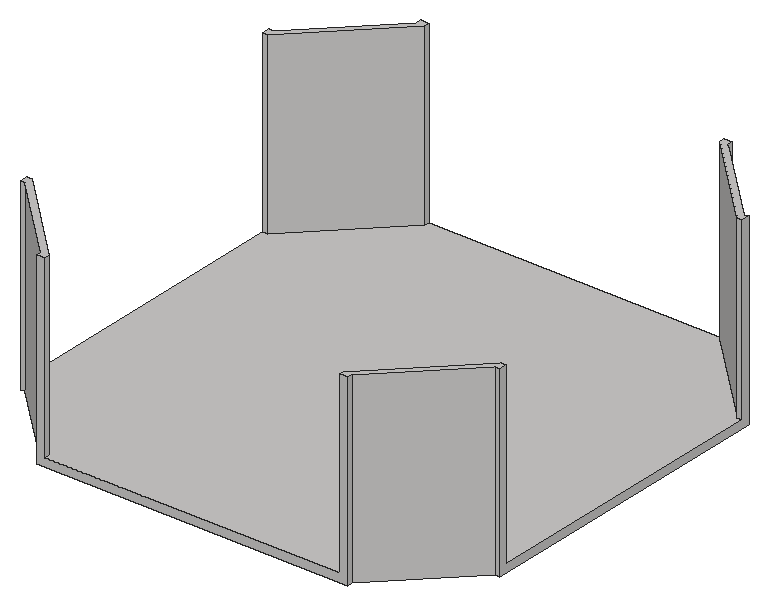
Revit family "Cable_Tray_Fitting-Ventilated_Tray-OBO_Bettermann-Channel_Horizontal_Cross_Over-MKS", category Cable Tray Fittings, Revit 2012
Parameters (values of type "Hot Dipped Galvanised")
  URL = "http://www.obo-bettermann.com/"
  Tray Width 3 [instance] = 100 mm
  Tray Width 1 [instance] = 100 mm
  Tray Length [instance] = 1.588 mm
  Tray Height [instance] = 60 mm
  Tray Connector 4 Location [instance] = if(Tray Width 3 > 399.9 mm, (Tray Width 3 / 2) + 255 mm, (Tray Width 3 / 2) + 27 mm)  # 77 mm
  Tray Connector 3 Location [instance] = if(Tray Width 3 > 399.9 mm, (Tray Width 3 / 2) + 255 mm, (Tray Width 3 / 2) + 27 mm)  # 77 mm
  Tray Connector 2 Location [instance] = if(Tray Width 1 > 399.9 mm, (Tray Width 1 / 2) + 255 mm, (Tray Width 1 / 2) + 27 mm)  # 77 mm
  Tray Connector 1 Location [instance] = if(Tray Width 1 > 399.9 mm, (Tray Width 1 / 2) + 255 mm, (Tray Width 1 / 2) + 27 mm)  # 77 mm
  built-in parameter 1140111 [instance] = 2.58 mm
  Small Tray Cross Over [instance] = not(Large Tray Cross Over)  # yes
  Radius = 25.4 mm
  Product Page URL = "http://catalog2.obo-bettermann.com/catalogue/catalogue.do?favOid=kts_315277&act=showIO&lang=en&action=start&catId=KTS&forward=showSolutionView"
  Product Documentation Link = ""
  Pre Galvanized = yes
  Model = "MKS"
  Manufacturer = "OBO Bettermann"
  Large Tray Cross Over [instance] = (Tray Width 1 > 399.9 mm)  # no
  Description = "Ventilated Cable Tray"
  Connector Description 4 = "Connector for Cable Tray 4"  # constant formula
  Connector Description 3 = "Connector for Cable Tray 3"  # constant formula
  Connector Description 2 = "Connector for Cable Tray 2"  # constant formula
  Connector Description = "Connector for Cable Tray 1"  # constant formula
  Classification = "Refer to online Catalog for UL and cUL classifed sizes and wire sizes."
  Cable Tray Material = Metal - OBO Bettermann - Hot-Dipped-Galvanised
  Assembly Code = "D5030600"
Types (2, lengths in mm): name | Cable Tray Material
  Stripped Galvanised | Metal - OBO Bettermann - Strip-Galvanised
  Hot Dipped Galvanised | Metal - OBO Bettermann - Hot-Dipped-Galvanised
Reference planes
  plane 1 "Center (Front/Back)": y = 0
  plane 2: z = 0
  plane 3 "Center (Left/Right)": x = 0
  plane 4: y = 50
  plane 5: y = -50
  plane 6: z = 30
  plane 7: z = -30
  plane 8: y = -75.4
  plane 9: x = -50
  plane 10: x = 50
  plane 11: x = -75.4
  plane 12: x = 75.4
  plane 13: y = -47.42
  plane 14: y = 47.42
  plane 15: y = -76.988
  plane 16: x = -47.42
  plane 17: x = 47.42
  plane 18: x = -76.987
  plane 19: x = 76.988
  plane 20: z = -27.42
  plane 21: y = 75.4
  plane 22: y = 76.987
  plane 23 "Tray Connector Left": x = -77
  plane 24 "Tray Connector Right": x = 77
  plane 25 "Tray Connector Branch Lower": y = -77
  plane 26 "Tray Connector Branch Upper": y = 77
Lines and regions (mm)
  model lines, style "Coarse View", detail levels coarse
    curve 1: line (-76.987, 0, 0) -> (76.988, 0, 0)
    curve 2: line (0, 0, 0) -> (0, -76.988, 0)
    curve 3: line (0, 76.987, 0) -> (0, 0, 0)
  symbolic lines, detail levels fine
    curve 4: line (47.42, 76.987, 0) -> (47.42, 75.4, 0)
    curve 5: line (75.4, 47.42, 0) -> (76.988, 47.42, 0)
    curve 6: line (76.988, -47.42, 0) -> (75.4, -47.42, 0)
    curve 7: line (47.42, -75.4, 0) -> (47.42, -76.988, 0)
    curve 8: line (-47.42, -76.988, 0) -> (-47.42, -75.4, 0)
    curve 9: line (-75.4, -47.42, 0) -> (-76.987, -47.42, 0)
Dimensions and locks
  equal spacing: plane 4, plane 1 "Center (Front/Back)", plane 5
  "Tray Width 1": plane 4 to plane 5
  equal spacing: plane 6, plane 2, plane 7
  "Tray Height": plane 6 to plane 7
  plane 5 to plane 8 = 25.4 mm
  equal spacing: plane 9, plane 3 "Center (Left/Right)", plane 10
  "Tray Width 3": plane 9 to plane 10
  plane 11 to plane 9 = 25.4 mm
  plane 10 to plane 12 = 25.4 mm
  "built-in parameter 1140111": plane 13 to plane 5
  "built-in parameter 1140111": plane 4 to plane 14
  "Tray Length": plane 8 to plane 15
  "built-in parameter 1140111": plane 9 to plane 16
  "built-in parameter 1140111": plane 17 to plane 10
  "Tray Length": plane 18 to plane 11
  "Tray Length": plane 12 to plane 19
  "built-in parameter 1140111": plane 20 to plane 7
  "Tray Length": plane 21 to plane 22
  "Radius": plane 21 to plane 4
  "Tray Connector 1 Location": plane 23 "Tray Connector Left" to plane 3 "Center (Left/Right)"
  "Tray Connector 2 Location": plane 3 "Center (Left/Right)" to plane 24 "Tray Connector Right"
  "Tray Connector 4 Location": plane 26 "Tray Connector Branch Upper" to plane 1 "Center (Front/Back)"
  "Tray Connector 3 Location": plane 25 "Tray Connector Branch Lower" to plane 1 "Center (Front/Back)"
  plane 26 "Tray Connector Branch Upper" to plane 22 = 0.013 mm
  aligned and locked: plane 19 to curve 1
  aligned and locked: plane 18 to curve 1
  aligned and locked: plane 15 to curve 2
  aligned and locked: plane 1 "Center (Front/Back)" to curve 2
  aligned and locked: curve 2 to plane 3 "Center (Left/Right)"
  aligned and locked: plane 22 to curve 3
  aligned and locked: curve 3 to plane 3 "Center (Left/Right)"
  aligned and locked: plane 18 to curve 9
  aligned and locked: plane 15 to curve 8
  aligned and locked: plane 15 to curve 7
  aligned and locked: plane 19 to curve 6
  aligned and locked: plane 19 to curve 5
  aligned and locked: plane 22 to curve 4
  aligned and locked: nested 1 to plane 9
  aligned and locked: plane 10 to nested 1
  aligned and locked: nested 1 to plane 5
  aligned and locked: plane 4 to nested 1
  aligned and locked: nested 2 to plane 22
  aligned and locked: nested 2 to plane 18
  aligned and locked: nested 2 to plane 15
  aligned and locked: plane 19 to nested 2
Automatic sketch dimensions
  curve 4 to plane 17 = 0 mm
  plane 21 to curve 4 = 0 mm
  curve 6 to plane 13 = 0 mm
  curve 8 to plane 16 = 0 mm
  curve 8 to plane 8 = 0 mm
  curve 9 to plane 11 = 0 mm
  curve 9 to plane 13 = 0 mm
  curve 5 to plane 12 = 0 mm
  curve 5 to plane 14 = 0 mm
  curve 7 to plane 17 = 0 mm
  curve 6 to plane 12 = 0 mm
  curve 7 to plane 8 = 0 mm
Nested families
  nested 1: "Cable_Tray_Fitting-Ventilated_Tray-OBO_Bettermann-Channel_Horizontal_Cross_Over_400-600-MKS" at (0, 0, 0), Tray Width 3 <- "Tray Width 3", Tray Width 1 <- "Tray Width 1", Tray Height <- "Tray Height", built-in parameter 1140111 <- "built-in parameter 1140111", visible <- "Large Tray Cross Over", type "Stripped Galvanised"
    with Tray Width 3 100 mm, Tray Width 1 100 mm, Tray Length 1.588 mm, Tray Height 60 mm, built-in parameter 1140111 2.58 mm, Radius Label 150 mm
  nested 2: "Cable_Tray_Fitting-Ventilated_Tray-OBO_Bettermann-Channel_Horizontal_Cross_Over_100-300-MKS" at (0, 0, 0), Tray Width 3 <- "Tray Width 3", Tray Width 1 <- "Tray Width 1", Tray Height <- "Tray Height", built-in parameter 1140111 <- "built-in parameter 1140111", visible <- "Small Tray Cross Over", type "Stripped Galvanised"
    with Tray Width 3 100 mm, Tray Width 1 100 mm, Tray Length 1.588 mm, Tray Height 60 mm, built-in parameter 1140111 2.58 mm, Radius Label 1 27.98 mm, Radius Label 25.4 mm
Connectors
  cabletrayconduit at (-77, 0, 0), driven by "Tray Height", driven by "Tray Width 1", driven by "Connector Description"
    settings: index 1, connector width 100 mm, connector height 60 mm, connector radius 300 mm, connector angle 0.00°, system type 32, placement type 0, profile type 1, connector reference index -1, is primary connector yes, connector utility param no, connector description "Connector for Cable Tray 1"
  cabletrayconduit at (77, 0, 0), driven by "Tray Height", driven by "Tray Width 1", driven by "Connector Description 2"
    settings: index 2, connector width 100 mm, connector height 60 mm, connector radius 300 mm, connector angle 0.00°, system type 32, placement type 0, profile type 1, connector reference index -1, is primary connector no, connector utility param no, connector description "Connector for Cable Tray 2"
  cabletrayconduit at (0, 77, 0), driven by "Tray Width 3", driven by "Tray Height", driven by "Connector Description 4"
    settings: index 3, connector width 100 mm, connector height 60 mm, connector radius 300 mm, connector angle 0.00°, system type 32, placement type 0, profile type 1, connector reference index -1, is primary connector no, connector utility param no, connector description "Connector for Cable Tray 4"
  cabletrayconduit at (0, -77, 0), driven by "Tray Height", driven by "Tray Width 3", driven by "Connector Description 3"
    settings: index 4, connector width 100 mm, connector height 60 mm, connector radius 300 mm, connector angle 0.00°, system type 32, placement type 0, profile type 1, connector reference index -1, is primary connector no, connector utility param no, connector description "Connector for Cable Tray 3"
Definition of nested family "Cable_Tray_Fitting-Ventilated_Tray-OBO_Bettermann-Channel_Horizontal_Cross_Over_400-600-MKS"
  Parameters (values of type "Stripped Galvanised")
    URL = "http://www.obo-bettermann.com/"
    Tray Width 3 [instance] = 400 mm
    Tray Width 1 [instance] = 400 mm
    Tray Length [instance] = 1.588 mm
    Tray Height [instance] = 60 mm
    built-in parameter 1140111 [instance] = 2.58 mm
    Radius Label 1 = Radius + 2.6 mm  # 152.6 mm
    Radius Label [instance] = Radius  # 150 mm
    Radius = 150 mm
    Product Page URL = "http://catalog2.obo-bettermann.com/catalogue/catalogue.do?favOid=kts_315277&act=showIO&lang=en&action=start&catId=KTS&forward=showSolutionView"
    Product Documentation Link = ""
    Pre Galvanized = yes
    Model = "MKS"
    Manufacturer = "OBO Bettermann"
    Description = "Cable tray"
    Connector Description 4 = "Connector for Cable Tray 4"  # constant formula
    Connector Description 3 = "Connector for Cable Tray 3"  # constant formula
    Connector Description 2 = "Connector for Cable Tray 2"  # constant formula
    Connector Description = "Connector for Cable Tray 1"  # constant formula
    Classification = "Refer to online Catalog for UL and cUL classifed sizes and wire sizes."
    Cable Tray Material = Metal - OBO Bettermann - Strip-Galvanised
    Assembly Code = "D5030600"
  Types (2, lengths in mm): name | Cable Tray Material
    Stripped Galvanised | Metal - OBO Bettermann - Strip-Galvanised
    Steel | Metal - OBO Bettermann - Hot-Dipped-Galvanised
  Reference planes
    plane 1 "Center (Front/Back)": y = 0
    plane 2: z = 0
    plane 3 "Center (Left/Right)": x = 0
    plane 4: y = 200
    plane 5: y = -200
    plane 6: z = 30
    plane 7: z = -30
    plane 8: y = -453.413
    plane 9: x = -200
    plane 10: x = 200
    plane 11: x = -453.412
    plane 12: x = 453.413
    plane 13: y = -197.42
    plane 14: y = 197.42
    plane 15: y = -455
    plane 16: x = -197.42
    plane 17: x = 197.42
    plane 18: x = -455
    plane 19: x = 455
    plane 20: z = -27.42
    plane 21: y = 453.412
    plane 22: y = 455
  Forms (mm)
    Extrusion 1, solid, material "Metal - OBO Bettermann - Strip-Galvanised" <- "Cable Tray Material", detail levels medium+fine
      sketch origin (377.212, 0, 0) x (1, 0, 0) y (0, 1, 0)
        loop
          line (-832.212, -197.42) -> (-832.212, -200) -> (-727.212, -200)
          arc (-727.212, -200) -> (-621.146, -243.934) -> (-577.212, -350) r 150
          line (-577.212, -350) -> (-577.212, -455) -> (-574.633, -455) -> (-574.633, -347.51)
          arc (-574.633, -347.51) -> (-619.308, -242.096) -> (-724.723, -197.42) r 152.6
          line (-724.723, -197.42) -> (-832.212, -197.42)
        loop
          line (-27.212, -200) -> (77.788, -200) -> (77.788, -197.42) -> (-29.702, -197.42)
          arc (-29.702, -197.42) -> (-135.117, -242.096) -> (-179.792, -347.51) r 152.6
          line (-179.792, -347.51) -> (-179.792, -455) -> (-177.212, -455) -> (-177.212, -350)
          arc (-177.212, -350) -> (-133.279, -243.934) -> (-27.212, -200) r 150
        loop
          line (-832.212, 197.42) -> (-724.723, 197.42)
          arc (-724.723, 197.42) -> (-619.308, 242.096) -> (-574.633, 347.51) r 152.6
          line (-574.633, 347.51) -> (-574.633, 455) -> (-577.212, 455) -> (-577.212, 350)
          arc (-577.212, 350) -> (-621.146, 243.934) -> (-727.212, 200) r 150
          line (-727.212, 200) -> (-832.212, 200) -> (-832.212, 197.42)
        loop
          arc (-27.212, 200) -> (-133.279, 243.934) -> (-177.212, 350) r 150
          line (-177.212, 350) -> (-177.212, 455) -> (-179.792, 455) -> (-179.792, 347.51)
          arc (-179.792, 347.51) -> (-135.117, 242.096) -> (-29.702, 197.42) r 152.6
          line (-29.702, 197.42) -> (77.788, 197.42) -> (77.788, 200) -> (-27.212, 200)
      from -30 to 30
    Extrusion 2, solid, material "Metal - OBO Bettermann - Strip-Galvanised" <- "Cable Tray Material", detail levels medium+fine
      sketch origin (0, 0, 0) x (1, 0, 0) y (0, 1, 0)
        loop
          line (-455, 200) -> (-455, -200) -> (-350, -200)
          arc (-350, -200) -> (-243.934, -243.934) -> (-200, -350) r 150
          line (-200, -350) -> (-200, -455) -> (200, -455) -> (200, -350)
          arc (200, -350) -> (243.934, -243.934) -> (350, -200) r 150
          line (350, -200) -> (455, -200) -> (455, 200) -> (350, 200)
          arc (350, 200) -> (243.934, 243.934) -> (200, 350) r 150
          line (200, 350) -> (200, 455) -> (-200, 455) -> (-200, 350)
          arc (-200, 350) -> (-243.934, 243.934) -> (-350, 200) r 150
          line (-350, 200) -> (-455, 200)
      from -30 to -27.42
    Extrusion 3, solid, material "Metal - OBO Bettermann - Strip-Galvanised" <- "Cable Tray Material", detail levels medium
      sketch origin (0, 0, 0) x (1, 0, 0) y (0, 1, 0)
        loop
          line (-455, 200) -> (-455, -200) -> (-350, -200)
          arc (-350, -200) -> (-243.934, -243.934) -> (-200, -350) r 150
          line (-200, -350) -> (-200, -455) -> (200, -455) -> (200, -350)
          arc (200, -350) -> (243.934, -243.934) -> (350, -200) r 150
          line (350, -200) -> (455, -200) -> (455, 200) -> (350, 200)
          arc (350, 200) -> (243.934, 243.934) -> (200, 350) r 150
          line (200, 350) -> (200, 455) -> (-200, 455) -> (-200, 350)
          arc (-200, 350) -> (-243.934, 243.934) -> (-350, 200) r 150
          line (-350, 200) -> (-455, 200)
      from -30 to 30
  Cuts and joins
    joined: Extrusion 1, Extrusion 2
  Lines and regions (mm)
    model lines, style "Coarse View", detail levels coarse
      curve 1: line (-455, 0, 0) -> (455, 0, 0)
      curve 2: line (0, 0, 0) -> (0, -455, 0)
      curve 3: line (0, 455, 0) -> (0, 0, 0)
    symbolic lines, detail levels fine
      curve 4: line (197.42, 455, 0) -> (197.42, 453.412, 0)
      curve 5: line (453.413, 197.42, 0) -> (455, 197.42, 0)
      curve 6: line (455, -197.42, 0) -> (453.413, -197.42, 0)
      curve 7: line (197.42, -453.413, 0) -> (197.42, -455, 0)
      curve 8: line (-197.42, -455, 0) -> (-197.42, -453.413, 0)
      curve 9: line (-453.412, -197.42, 0) -> (-455, -197.42, 0)
      curve 10: line (-200, -350, 0) -> (-200, -455, 0)
      curve 11: arc (-350, -200, 0) -> (-243.934, -243.934, 0) -> (-200, -350, 0) r 150
      curve 12: line (-455, -200, 0) -> (-350, -200, 0)
      curve 13: line (350, -200, 0) -> (455, -200, 0)
      curve 14: arc (200, -350, 0) -> (243.934, -243.934, 0) -> (350, -200, 0) r 150
      curve 15: line (200, -455, 0) -> (200, -350, 0)
      curve 16: line (200, 350, 0) -> (200, 455, 0)
      curve 17: arc (350, 200, 0) -> (243.934, 243.934, 0) -> (200, 350, 0) r 150
      curve 18: line (455, 200, 0) -> (350, 200, 0)
      curve 19: line (-350, 200, 0) -> (-455, 200, 0)
      curve 20: arc (-200, 350, 0) -> (-243.934, 243.934, 0) -> (-350, 200, 0) r 150
      curve 21: line (-200, 455, 0) -> (-200, 350, 0)
  Dimensions and locks
    equal spacing: plane 4, plane 1 "Center (Front/Back)", plane 5
    "Tray Width 1": plane 4 to plane 5
    equal spacing: plane 6, plane 2, plane 7
    "Tray Height": plane 6 to plane 7
    equal spacing: plane 9, plane 3 "Center (Left/Right)", plane 10
    "Tray Width 3": plane 9 to plane 10
    "built-in parameter 1140111": plane 13 to plane 5
    "built-in parameter 1140111": plane 4 to plane 14
    "Tray Length": plane 8 to plane 15
    "built-in parameter 1140111": plane 9 to plane 16
    "built-in parameter 1140111": plane 17 to plane 10
    "Tray Length": plane 18 to plane 11
    "Tray Length": plane 12 to plane 19
    "built-in parameter 1140111": plane 20 to plane 7
    "Tray Length": plane 21 to plane 22
    locked: plane 18 to plane 9 at 255
    locked: plane 10 to plane 19 at 255
    equal spacing: plane 18, plane 3 "Center (Left/Right)", plane 19
    locked: plane 4 to plane 22 at 255
    locked: plane 5 to plane 15 at 255
    equal spacing: plane 15, plane 1 "Center (Front/Back)", plane 22
    "Radius Label": radius of Extrusion 3 sketch curve  (x4)
    "Radius Label": radius of Extrusion 1 sketch curve  (x4)
    "Radius Label 1": radius of Extrusion 1 sketch curve  (x4)
    aligned and locked: Extrusion 1 to plane 7
    aligned and locked: plane 6 to Extrusion 1
    aligned and locked: plane 5 to Extrusion 2 sketch curve
    aligned and locked: plane 19 to Extrusion 2 sketch curve
    aligned and locked: plane 9 to Extrusion 2 sketch curve
    aligned and locked: Extrusion 2 sketch curve to plane 15
    aligned and locked: Extrusion 2 to plane 7
    aligned and locked: plane 20 to Extrusion 2
    aligned and locked: plane 18 to Extrusion 3 sketch curve
    aligned and locked: Extrusion 3 sketch curve to plane 5
    aligned and locked: plane 4 to Extrusion 3 sketch curve  (x2)
    aligned and locked: plane 5 to Extrusion 3 sketch curve
    aligned and locked: plane 10 to Extrusion 3 sketch curve
    aligned and locked: plane 9 to Extrusion 3 sketch curve
    aligned and locked: Extrusion 3 sketch curve to plane 15
    aligned and locked: Extrusion 3 to plane 7
    aligned and locked: plane 6 to Extrusion 3
    aligned and locked: plane 19 to curve 1
    aligned and locked: plane 18 to curve 1
    aligned and locked: plane 15 to curve 2
    aligned and locked: plane 1 "Center (Front/Back)" to curve 2
    aligned and locked: curve 2 to plane 3 "Center (Left/Right)"
    aligned and locked: plane 22 to curve 3
    aligned and locked: curve 3 to plane 3 "Center (Left/Right)"
    aligned and locked: plane 18 to curve 9
    aligned and locked: plane 15 to curve 8
    aligned and locked: plane 15 to curve 7
    aligned and locked: plane 19 to curve 6
    aligned and locked: plane 19 to curve 5
    aligned and locked: plane 22 to curve 4
    aligned and locked: Extrusion 2 sketch curve to cut or joined group of Extrusion 1, Extrusion 2  (x8)
    aligned and locked: curve 11 to cut or joined group of Extrusion 1, Extrusion 2
    aligned and locked: curve 12 to cut or joined group of Extrusion 1, Extrusion 2
    aligned and locked: curve 14 to cut or joined group of Extrusion 1, Extrusion 2
    aligned and locked: curve 17 to cut or joined group of Extrusion 1, Extrusion 2
    aligned and locked: curve 18 to cut or joined group of Extrusion 1, Extrusion 2
    aligned and locked: curve 20 to cut or joined group of Extrusion 1, Extrusion 2
    aligned and locked: curve 21 to cut or joined group of Extrusion 1, Extrusion 2
  Automatic sketch dimensions
    curve 9 to plane 11 = 0 mm
    curve 7 to plane 8 = 0 mm
    curve 7 to plane 17 = 0 mm
    curve 4 to plane 17 = 0 mm
    curve 6 to plane 13 = 0 mm
    curve 9 to plane 13 = 0 mm
    Extrusion 3 sketch curve to plane 9 = 0 mm
    Extrusion 3 sketch curve to plane 10 = 0 mm
    Extrusion 3 sketch curve to plane 19 = 0 mm
    plane 22 to Extrusion 3 sketch curve = 0 mm
    Extrusion 1 sketch curve to Extrusion 1 sketch curve = 0 mm  (x8)
    Extrusion 1 sketch curve to plane 13 = 0 mm  (x2)
    Extrusion 1 sketch curve to plane 18 = 0 mm  (x2)
    Extrusion 1 sketch curve to plane 4 = 0 mm  (x2)
    Extrusion 1 sketch curve to plane 5 = 0 mm  (x2)
    Extrusion 1 sketch curve to plane 14 = 0 mm  (x2)
    Extrusion 1 sketch curve to plane 9 = 0 mm  (x2)
    Extrusion 1 sketch curve to plane 16 = 0 mm  (x2)
    Extrusion 1 sketch curve to plane 17 = 0 mm  (x2)
    Extrusion 1 sketch curve to plane 10 = 0 mm  (x2)
    Extrusion 1 sketch curve to plane 19 = 0 mm  (x2)
    Extrusion 1 sketch curve to plane 15 = 0 mm  (x2)
    plane 22 to Extrusion 1 sketch curve = 0 mm  (x2)
    Extrusion 2 sketch curve to plane 18 = 0 mm
    plane 22 to Extrusion 2 sketch curve = 0 mm
    curve 10 to plane 15 = 0 mm
    curve 12 to plane 18 = 0 mm
    curve 8 to plane 8 = 0 mm
    curve 8 to plane 16 = 0 mm
    curve 6 to plane 12 = 0 mm
    curve 13 to plane 19 = 0 mm
    curve 15 to plane 15 = 0 mm
    plane 22 to curve 16 = 0 mm
    curve 18 to plane 19 = 0 mm
    curve 5 to plane 12 = 0 mm
    curve 5 to plane 14 = 0 mm
    plane 21 to curve 4 = 0 mm
    curve 19 to plane 18 = 0 mm
    plane 22 to curve 21 = 0 mm
  Connectors
    cabletrayconduit at (-455, 0, 0), driven by "Tray Height", driven by "Tray Width 1", driven by "Connector Description"
      settings: on Extrusion 3, index 1, connector width 400 mm, connector height 60 mm, connector radius 304.8 mm, connector angle 0.00°, system type 32, placement type 0, profile type 1, connector reference index 2, is primary connector yes, connector utility param no, connector description "Connector for Cable Tray 1"
    cabletrayconduit at (455, 0, 0), driven by "Tray Height", driven by "Tray Width 1", driven by "Connector Description 2"
      settings: on Extrusion 3, index 2, connector width 400 mm, connector height 60 mm, connector radius 304.8 mm, connector angle 0.00°, system type 32, placement type 0, profile type 1, connector reference index 1, is primary connector no, connector utility param no, connector description "Connector for Cable Tray 2"
    cabletrayconduit at (0, -455, 0), driven by "Tray Height", driven by "Tray Width 3", driven by "Connector Description 3"
      settings: on Extrusion 3, index 3, connector width 400 mm, connector height 60 mm, connector radius 304.8 mm, connector angle 0.00°, system type 32, placement type 0, profile type 1, connector reference index 4, is primary connector no, connector utility param no, connector description "Connector for Cable Tray 3"
    cabletrayconduit at (0, 455, 0), driven by "Tray Height", driven by "Tray Width 3", driven by "Connector Description 4"
      settings: on Extrusion 3, index 4, connector width 400 mm, connector height 60 mm, connector radius 304.8 mm, connector angle 0.00°, system type 32, placement type 0, profile type 1, connector reference index 3, is primary connector no, connector utility param no, connector description "Connector for Cable Tray 4"
Definition of nested family "Cable_Tray_Fitting-Ventilated_Tray-OBO_Bettermann-Channel_Horizontal_Cross_Over_100-300-MKS"
  Parameters (values of type "Steel")
    URL = "http://www.obo-bettermann.com/"
    Tray Width 3 [instance] = 100 mm
    Tray Width 1 [instance] = 100 mm
    Tray Length [instance] = 1.588 mm
    Tray Height [instance] = 60 mm
    built-in parameter 1140111 [instance] = 2.58 mm
    Radius Label 1 [instance] = Radius Label + [built-in parameter 1140111]  # 27.98 mm
    Radius Label [instance] = Radius  # 25.4 mm
    Radius = 25.4 mm
    Product Page URL = "http://catalog2.obo-bettermann.com/catalogue/catalogue.do?favOid=kts_315277&act=showIO&lang=en&action=start&catId=KTS&forward=showSolutionView"
    Product Documentation Link = ""
    Pre Galvanized = yes
    Model = "MKS"
    Manufacturer = "OBO Bettermann"
    Description = "Cable tray"
    Connector Description 4 = "Connector for Cable Tray 4"  # constant formula
    Connector Description 3 = "Connector for Cable Tray 3"  # constant formula
    Connector Description 2 = "Connector for Cable Tray 2"  # constant formula
    Connector Description = "Connector for Cable Tray 1"  # constant formula
    Classification = "Refer to online Catalog for UL and cUL classifed sizes and wire sizes."
    Cable Tray Material = Metal - OBO Bettermann - Hot-Dipped-Galvanised
    Assembly Code = "D5030600"
  Types (2, lengths in mm): name | Cable Tray Material
    Stripped Galvanised | Metal - OBO Bettermann - Strip-Galvanised
    Steel | Metal - OBO Bettermann - Hot-Dipped-Galvanised
  Reference planes
    plane 1 "Center (Front/Back)": y = 0
    plane 2: z = 0
    plane 3 "Center (Left/Right)": x = 0
    plane 4: y = 50
    plane 5: y = -50
    plane 6: z = 30
    plane 7: z = -30
    plane 8: y = -75.4
    plane 9: x = -50
    plane 10: x = 50
    plane 11: x = -75.4
    plane 12: x = 75.4
    plane 13: y = -47.42
    plane 14: y = 47.42
    plane 15: y = -76.988
    plane 16: x = -47.42
    plane 17: x = 47.42
    plane 18: x = -76.987
    plane 19: x = 76.988
    plane 20: z = -27.42
    plane 21: y = 75.4
    plane 22: y = 76.987
  Forms (mm)
    Extrusion 1, solid, material "Metal - OBO Bettermann - Hot-Dipped-Galvanised" <- "Cable Tray Material", detail levels medium+fine
      sketch origin (-0.8, 0, 0) x (1, 0, 0) y (0, 1, 0)
        loop
          line (-76.187, -47.42) -> (-76.187, -50) -> (-74.6, -50) -> (-49.2, -75.4) -> (-49.2, -76.988) -> (-46.62, -76.988) -> (-46.62, -75.4) -> (-74.6, -47.42) -> (-76.187, -47.42)
        loop
          line (76.2, -50) -> (77.788, -50) -> (77.788, -47.42) -> (76.2, -47.42) -> (48.22, -75.4) -> (48.22, -76.988) -> (50.8, -76.988) -> (50.8, -75.4) -> (76.2, -50)
        loop
          line (-76.187, 50) -> (-76.187, 47.42) -> (-74.6, 47.42) -> (-46.62, 75.4) -> (-46.62, 76.987) -> (-49.2, 76.987) -> (-49.2, 75.4) -> (-74.6, 50) -> (-76.187, 50)
        loop
          line (48.22, 76.987) -> (48.22, 75.4) -> (76.2, 47.42) -> (77.788, 47.42) -> (77.788, 50) -> (76.2, 50) -> (50.8, 75.4) -> (50.8, 76.987) -> (48.22, 76.987)
      from -30 to 30
    Extrusion 2, solid, material "Metal - OBO Bettermann - Hot-Dipped-Galvanised" <- "Cable Tray Material", detail levels medium+fine
      sketch origin (0, 0, 0) x (1, 0, 0) y (0, 1, 0)
        loop
          line (-76.987, -50) -> (-75.4, -50) -> (-50, -75.4) -> (-50, -76.988) -> (50, -76.988) -> (50, -75.4) -> (75.4, -50) -> (76.988, -50) -> (76.988, 50) -> (75.4, 50) -> (50, 75.4) -> (50, 76.987) -> (-50, 76.987) -> (-50, 75.4) -> (-75.4, 50) -> (-76.987, 50) -> (-76.987, -50)
      from -30 to -27.42
    Extrusion 3, solid, material "Metal - OBO Bettermann - Hot-Dipped-Galvanised" <- "Cable Tray Material", detail levels medium
      sketch origin (0, 0, 0) x (1, 0, 0) y (0, 1, 0)
        loop
          line (-76.987, 50) -> (-76.987, -50) -> (-75.4, -50) -> (-50, -75.4) -> (-50, -76.988) -> (50, -76.988) -> (50, -75.4) -> (75.4, -50) -> (76.988, -50) -> (76.988, 50) -> (75.4, 50) -> (50, 75.4) -> (50, 76.987) -> (-50, 76.987) -> (-50, 75.4) -> (-75.4, 50) -> (-76.987, 50)
      from -30 to 30
  Cuts and joins
    joined: Extrusion 1, Extrusion 2
  Lines and regions (mm)
    model lines, style "Coarse View", detail levels coarse
      curve 1: line (-76.987, 0, 0) -> (76.988, 0, 0)
      curve 2: line (0, 0, 0) -> (0, -76.988, 0)
      curve 3: line (0, 76.987, 0) -> (0, 0, 0)
    symbolic lines, detail levels fine
      curve 4: line (47.42, 76.987, 0) -> (47.42, 75.4, 0)
      curve 5: line (47.42, 75.4, 0) -> (75.4, 47.42, 0)
      curve 6: line (75.4, 47.42, 0) -> (76.988, 47.42, 0)
      curve 7: line (76.988, -47.42, 0) -> (75.4, -47.42, 0)
      curve 8: line (75.4, -47.42, 0) -> (47.42, -75.4, 0)
      curve 9: line (47.42, -75.4, 0) -> (47.42, -76.988, 0)
      curve 10: line (-47.42, -76.988, 0) -> (-47.42, -75.4, 0)
      curve 11: line (-47.42, -75.4, 0) -> (-75.4, -47.42, 0)
      curve 12: line (-75.4, -47.42, 0) -> (-76.987, -47.42, 0)
  Dimensions and locks
    equal spacing: plane 4, plane 1 "Center (Front/Back)", plane 5
    "Tray Width 1": plane 4 to plane 5
    equal spacing: plane 6, plane 2, plane 7
    "Tray Height": plane 6 to plane 7
    "Radius Label": plane 5 to plane 8
    equal spacing: plane 9, plane 3 "Center (Left/Right)", plane 10
    "Tray Width 3": plane 9 to plane 10
    "Radius Label": plane 11 to plane 9
    "Radius Label": plane 10 to plane 12
    "built-in parameter 1140111": plane 13 to plane 5
    "built-in parameter 1140111": plane 4 to plane 14
    "Tray Length": plane 8 to plane 15
    "built-in parameter 1140111": plane 9 to plane 16
    "built-in parameter 1140111": plane 17 to plane 10
    "Tray Length": plane 18 to plane 11
    "Tray Length": plane 12 to plane 19
    "built-in parameter 1140111": plane 20 to plane 7
    "Tray Length": plane 21 to plane 22
    "Radius": plane 21 to plane 4
    aligned and locked: plane 11 to Extrusion 1 sketch curve  (x4)
    aligned and locked: Extrusion 1 sketch curve to plane 13
    aligned and locked: plane 18 to Extrusion 1 sketch curve  (x2)
    aligned and locked: Extrusion 1 sketch curve to plane 5
    aligned and locked: plane 8 to Extrusion 1 sketch curve  (x4)
    aligned and locked: plane 15 to Extrusion 1 sketch curve  (x2)
    aligned and locked: plane 16 to Extrusion 1 sketch curve  (x3)
    aligned and locked: plane 9 to Extrusion 1 sketch curve  (x3)
    aligned and locked: Extrusion 1 sketch curve to plane 15  (x2)
    aligned and locked: Extrusion 1 sketch curve to plane 18  (x2)
    aligned and locked: Extrusion 1 to plane 7
    aligned and locked: plane 6 to Extrusion 1
    aligned and locked: plane 19 to Extrusion 1 sketch curve  (x3)
    aligned and locked: plane 5 to Extrusion 1 sketch curve  (x3)
    aligned and locked: plane 13 to Extrusion 1 sketch curve  (x3)
    aligned and locked: Extrusion 1 sketch curve to plane 19
    aligned and locked: Extrusion 1 sketch curve to plane 17
    aligned and locked: Extrusion 1 sketch curve to plane 10  (x2)
    aligned and locked: plane 10 to Extrusion 1 sketch curve  (x2)
    aligned and locked: plane 17 to Extrusion 1 sketch curve  (x3)
    aligned and locked: plane 18 to Extrusion 2 sketch curve  (x2)
    aligned and locked: plane 11 to Extrusion 2 sketch curve  (x2)
    aligned and locked: Extrusion 2 sketch curve to plane 5
    aligned and locked: plane 4 to Extrusion 2 sketch curve
    aligned and locked: plane 5 to Extrusion 2 sketch curve
    aligned and locked: plane 19 to Extrusion 2 sketch curve  (x2)
    aligned and locked: plane 12 to Extrusion 2 sketch curve  (x2)
    aligned and locked: plane 8 to Extrusion 2 sketch curve  (x2)
    aligned and locked: plane 15 to Extrusion 2 sketch curve
    aligned and locked: plane 10 to Extrusion 2 sketch curve
    aligned and locked: plane 9 to Extrusion 2 sketch curve
    aligned and locked: Extrusion 2 sketch curve to plane 15
    aligned and locked: Extrusion 2 to plane 7
    aligned and locked: plane 20 to Extrusion 2
    aligned and locked: plane 18 to Extrusion 3 sketch curve  (x2)
    aligned and locked: plane 11 to Extrusion 3 sketch curve  (x2)
    aligned and locked: Extrusion 3 sketch curve to plane 5  (x2)
    aligned and locked: plane 4 to Extrusion 3 sketch curve  (x2)
    aligned and locked: plane 5 to Extrusion 3 sketch curve
    aligned and locked: plane 12 to Extrusion 3 sketch curve  (x2)
    aligned and locked: plane 19 to Extrusion 3 sketch curve  (x2)
    aligned and locked: plane 15 to Extrusion 3 sketch curve
    aligned and locked: Extrusion 3 sketch curve to plane 10  (x2)
    aligned and locked: plane 8 to Extrusion 3 sketch curve
    aligned and locked: plane 10 to Extrusion 3 sketch curve
    aligned and locked: plane 9 to Extrusion 3 sketch curve
    aligned and locked: Extrusion 3 sketch curve to plane 15
    aligned and locked: Extrusion 3 to plane 7
    aligned and locked: plane 6 to Extrusion 3
    aligned and locked: plane 19 to curve 1
    aligned and locked: plane 18 to curve 1
    aligned and locked: plane 15 to curve 2
    aligned and locked: plane 1 "Center (Front/Back)" to curve 2
    aligned and locked: curve 2 to plane 3 "Center (Left/Right)"
    aligned and locked: Extrusion 1 sketch curve to plane 14
    aligned and locked: Extrusion 1 sketch curve to plane 4
    aligned and locked: plane 22 to Extrusion 1 sketch curve  (x4)
    aligned and locked: Extrusion 1 sketch curve to plane 9
    aligned and locked: Extrusion 1 sketch curve to plane 16
    aligned and locked: plane 4 to Extrusion 1 sketch curve  (x2)
    aligned and locked: plane 14 to Extrusion 1 sketch curve  (x2)
    aligned and locked: plane 22 to Extrusion 3 sketch curve  (x2)
    aligned and locked: plane 21 to Extrusion 3 sketch curve  (x2)
    aligned and locked: Extrusion 3 sketch curve to plane 9
    aligned and locked: plane 22 to Extrusion 2 sketch curve  (x2)
    aligned and locked: plane 21 to Extrusion 2 sketch curve  (x2)
    aligned and locked: Extrusion 2 sketch curve to plane 9
    aligned and locked: Extrusion 2 sketch curve to plane 10
    aligned and locked: plane 22 to curve 3
    aligned and locked: curve 3 to plane 3 "Center (Left/Right)"
    aligned and locked: plane 12 to Extrusion 1 sketch curve  (x3)
    aligned and locked: plane 21 to Extrusion 1 sketch curve  (x4)
    aligned and locked: Extrusion 3 sketch curve to cut or joined group of Extrusion 1, Extrusion 2  (x4)
    aligned and locked: Extrusion 2 sketch curve to cut or joined group of Extrusion 1, Extrusion 2  (x4)
    aligned and locked: curve 4 to cut or joined group of Extrusion 1, Extrusion 2
    aligned and locked: curve 5 to cut or joined group of Extrusion 1, Extrusion 2
    aligned and locked: curve 6 to cut or joined group of Extrusion 1, Extrusion 2
    aligned and locked: curve 7 to cut or joined group of Extrusion 1, Extrusion 2
    aligned and locked: curve 8 to cut or joined group of Extrusion 1, Extrusion 2
    aligned and locked: curve 9 to cut or joined group of Extrusion 1, Extrusion 2
    aligned and locked: curve 10 to cut or joined group of Extrusion 1, Extrusion 2
    aligned and locked: curve 11 to cut or joined group of Extrusion 1, Extrusion 2
    aligned and locked: curve 12 to cut or joined group of Extrusion 1, Extrusion 2
    aligned and locked: plane 18 to curve 12
    aligned and locked: plane 15 to curve 10
    aligned and locked: plane 15 to curve 9
    aligned and locked: plane 19 to curve 7
    aligned and locked: plane 19 to cut or joined group of Extrusion 1, Extrusion 2
    aligned and locked: plane 19 to curve 6
    aligned and locked: plane 22 to curve 4
    aligned and locked: plane 22 to cut or joined group of Extrusion 1, Extrusion 2
  Automatic sketch dimensions
    Extrusion 1 sketch curve to plane 12 = 0 mm
    curve 4 to plane 17 = 0 mm
    curve 5 to plane 12 = 0 mm
    curve 5 to plane 14 = 0 mm
    plane 21 to curve 4 = 0 mm
    curve 8 to plane 8 = 0 mm
    curve 8 to plane 17 = 0 mm
    curve 8 to plane 12 = 0 mm
    curve 7 to plane 13 = 0 mm
    curve 11 to plane 11 = 0 mm
    curve 10 to plane 16 = 0 mm
    curve 10 to plane 8 = 0 mm
    curve 11 to plane 13 = 0 mm
  Connectors
    cabletrayconduit at (-76.987, 0, 0), driven by "Tray Height", driven by "Tray Width 1", driven by "Connector Description"
      settings: on Extrusion 3, index 1, connector width 100 mm, connector height 60 mm, connector radius 304.8 mm, connector angle 0.00°, system type 32, placement type 0, profile type 1, connector reference index 2, is primary connector yes, connector utility param no, connector description "Connector for Cable Tray 1"
    cabletrayconduit at (76.988, 0, 0), driven by "Tray Height", driven by "Tray Width 1", driven by "Connector Description 2"
      settings: on Extrusion 3, index 2, connector width 100 mm, connector height 60 mm, connector radius 304.8 mm, connector angle 0.00°, system type 32, placement type 0, profile type 1, connector reference index 1, is primary connector no, connector utility param no, connector description "Connector for Cable Tray 2"
    cabletrayconduit at (0, -76.988, 0), driven by "Tray Height", driven by "Tray Width 3", driven by "Connector Description 3"
      settings: on Extrusion 3, index 3, connector width 100 mm, connector height 60 mm, connector radius 304.8 mm, connector angle 0.00°, system type 32, placement type 0, profile type 1, connector reference index 4, is primary connector no, connector utility param no, connector description "Connector for Cable Tray 3"
    cabletrayconduit at (0, 76.987, 0), driven by "Tray Height", driven by "Tray Width 3", driven by "Connector Description 4"
      settings: on Extrusion 3, index 4, connector width 100 mm, connector height 60 mm, connector radius 304.8 mm, connector angle 0.00°, system type 32, placement type 0, profile type 1, connector reference index 3, is primary connector no, connector utility param no, connector description "Connector for Cable Tray 4"
